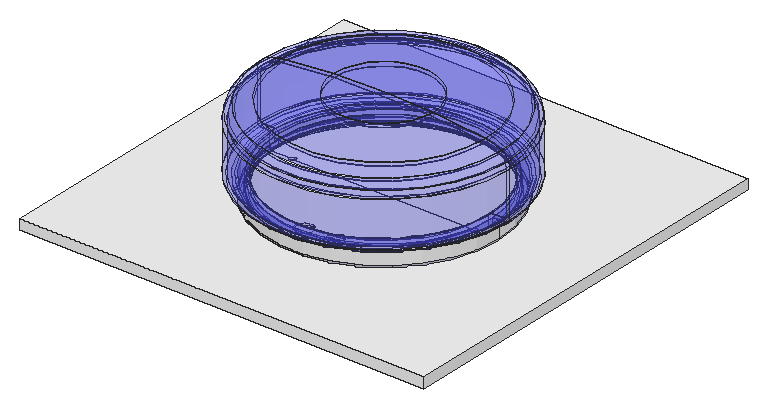
Revit family "BE_50040_de_DE", category Leuchten, Revit 2020
Family settings
  Basisbauteil = Fläche
  Bemaßung runder Anschluss = Durchmesser verwenden
  Teiletyp = Normal
  Beim Laden mit Abzugskörper schneiden = Ja
  Lichtquelle = Ja
  Gemeinsam genutzt = Nein
  Raumberechnungspunkt = Ja
Parameters (values of type "BEGA_50040_K3")
  built-in parameter 1150104 = 11.752 (stored number, unit not read)
  Wattage = 11.9 W
  Default Elevation = 0 mm
  built-in parameter 1150113 = 1 (stored number, unit not read)
  built-in parameter 1114218 = 1 (stored number, unit not read)
  Umgebungstemperatur = "25 °C"
  URL = "https://www.bega.com/de/produkt/50040"
  Typenkommentare = "© 2022 BEGA. Wir behalten uns das Recht vor, technische Änderungen ohne vorherige Ankündigung vorzunehmen."  # constant formula
  built-in parameter 1150134 = (empty or 0)
  built-in parameter 1150109 = 1 (stored number, unit not read)
  Strom = ""
  built-in parameter 1150110 = 1 (stored number, unit not read)
  Spannung = 230 V
  Sonderanfertigung = no
  Seriennummer [instance] = "Hier können Sie die eindeutige Seriennummer für das Facility Management eintragen."
  Schutzklasse = "I"
  Schutzart = "IP 20"
  Scheinlast = 0 VA
  Produktdatenblatt = "http://www.bega.de/download/Xrfa/db/50040.db.de.pdf"
  Oberflächentemperatur = ""
  Neigungswinkel = 0.00°
  Model = "50040K2"
  Material_17 = BEGA_Reflektor
  Material_15 = BEGA_Leuchtmedium_matt
  Material_11 = BEGA_Glas_opal
  Material_09 = BEGA_Glas_klar
  Material_06 = BEGA_Oberfläche_Edelstahl_gebürstet
  Material_03 = BEGA_Oberfläche_Weiss_matt
  Material_02 = BEGA_Oberfläche_Silber_matt
  Material_01 [instance] = BEGA_Oberfläche_Grafit_matt
  M_W = no
  M_G = no
  M_A = no
  Logo = 0
  built-in parameter 1114217 = 1 (stored number, unit not read)
  built-in parameter 1150139 = (empty or 0)
  built-in parameter 1150105 = 316.23 (stored number, unit not read)
  built-in parameter 1150114 = 1 (stored number, unit not read)
  Lumens = 1505.35 lm
  built-in parameter 1150115 = 1 (stored number, unit not read)
  Leuchtenlichtstrom = "874 lm"
  Leuchtenanzahl = ""
  Lebensdauerkriterien = "L70B50 @ 25 °C = 181000 h"
  Lastklassifizierung = Beleuchtung
  built-in parameter 1150112 = 1 (stored number, unit not read)
  Lampenlichtstrom = "1505 lm"
  Lamp = "LED 11.9 W"
  LED_Modulbezeichnung = "LED-0509/927"
  Hersteller = "BEGA"  # constant formula
  Halbstreuwinkel = ""
  Gewicht = "1.7 kg"
  Gebrauchslageneinschränkung [instance] = ""
  Frequenz = "50 Hz"
  Farbwiedergabeindex = "CRI > 90"
  Farbtemperaturverschiebung bei Dämpfen der Lampe = <Keine Auswahl>
  Farbtemperatur = "2700 K"
  Color Filter = 16777215
  built-in parameter 1150133 = 10 (stored number, unit not read)
  Energieeffizienzklasse = "LED A++ - A"
  built-in parameter 1150137 = (empty or 0)
  built-in parameter 1150132 = (empty or 0)
  ENEC = ""
  Dimmbar [instance] = ""
  Photometric Web File = "BE_50040K2.IES"
  CE_Konformität = "ja"
  Bestellnummer = "50040K2"
  Beschreibung_Sonderanfertigung = "Hier können Sie Informationen zur Sonderanfertigung eintragen."
  Beschreibung = "Decken- und Wandleuchte"
  built-in parameter 1150106 = 3.1623 (stored number, unit not read)
  Befestigungsbohrung = "Ø 5,5 mm"
  Befestigungsabstand = "180 mm"
  Ballwurfsicher = ""
  BEGA_Intern_aus = yes
  BEGA_Intern_an = yes
  BEGA_Intern_Konstruktion = yes
  BEGA_Intern = yes
  BEGA_IES = yes
  BEGA_Dummy = no
  Anschlussleitung = ""
  Anschlussleistung [instance] = "17.1 W"
  Anschlusskasten = ""
  built-in parameter 1150107 = 2700 (stored number, unit not read)
  built-in parameter 1150102 = (empty or 0)
  built-in parameter 1150138 = (empty or 0)
  Aktualisierung = "2020-05-11T04:00:10"
  Abstand_zur_angestrahlten_Fläche [instance] = ""
  AC/DC = "AC"
Types (3, lengths in mm): name | built-in parameter 1150104 | built-in parameter 1150134 | Model | built-in parameter 1150105 | Lumens | Leuchtenlichtstrom | Lampenlichtstrom | LED_Modulbezeichnung | Farbtemperatur | Photometric Web File | Bestellnummer | built-in parameter 1150106 | built-in parameter 1150107
  BEGA_50040_K3 | 11.827 (stored number, unit not read) | (empty or 0) | "50040K3" | 318.31 (stored number, unit not read) | 1514.87 lm | "1001 lm" | "1725 lm" | "LED-0509/930" | "3000 K" | "BE_50040K3.IES" | "50040K3" | 3.1831 (stored number, unit not read) | 3000 (stored number, unit not read)
  BEGA_50040_K4 | 12.263 (stored number, unit not read) | 12 | "50040K4" | 125 (stored number, unit not read) | 1570.8 lm | "1001 lm" | "1725 lm" | "LED-0509/930" | "4000 K" | "BE_50040K4.IES" | "50040K4" | 1.25 (stored number, unit not read) | 4000 (stored number, unit not read)
  BEGA_50040_K27 | 12.263 (stored number, unit not read) | 12 | "50040K27" | 125 (stored number, unit not read) | 1570.8 lm | "970 lm" | "1670 lm" | "LED-0509/927" | "2700 K" | "BE_50040K27.IES" | "50040K27" | 1.25 (stored number, unit not read) | 4000 (stored number, unit not read)
Reference planes
  plane 1 "Mitte (Vorne/Hinten)": y = 0
  plane 2: z = 0
  plane 3 "Mitte (Links/Rechts)": x = 0
  plane 4 "Links": x = -125
  plane 5 "Rechts": x = 125
  plane 6 "Unten": y = -125
  plane 7 "Oben": y = 125
  plane 8 "Vorne": z = 94.4
  plane 9 "Hinten": z = 0
Forms (mm)
  Extrusion 1, solid, material "BEGA_Platte_Weiss"
    sketch origin (0, -1119.2, 0) x (1, 0, 0) y (0, 1, 0)
      loop
        line (-200, 1319.2) -> (-200, 919.2) -> (200, 919.2) -> (200, 1319.2) -> (-200, 1319.2)
    from 0 to -10
  Extrusion 2, solid, material "BEGA_Dummy_matt", visible <- "BEGA_Dummy"
    sketch origin (77.149, -76.023, 0) x (1, 0, 0) y (0, 1, 0)
      loop
        circle (-77.149, 76.023) r 125
    from 0 to 94.4
Dimensions and locks
  plane 1 "Mitte (Vorne/Hinten)" to Extrusion 1 = 200 mm
  aligned and locked: plane 2 to Extrusion 1
  aligned and locked: level to Extrusion 1
Nested families
  nested 1: "BE_50040" at (0, 0, 0) x (0, -1, 0) z (0, 0, 1), type "BE_50040"
Connectors
  electrical at (0, 0, 0), driven by "Lastklassifizierung", driven by "Spannung", driven by "Scheinlast"
    settings: index 1, voltage 230 V, apparent load 0 VA, apparent load phase1 0 VA, apparent load phase2 0 VA, apparent load phase3 0 VA, power factor 1, load classification "Beleuchtung", number of poles 1, system type 31, power factor state 1, is connector primary yes, connector utility no, sub classification motor no, connector description ""
Definition of nested family "BE_50040"
  Parameters (values of type "BE_50040")
    Default Elevation = 1 mm
    URL = "http://www.bega.de/de/produkt"
    Type Comments = "© 2015 BEGA. Wir behalten uns das Recht vor, technische Änderungen ohne vorherige Ankündigung vorzunehmen. "  # constant formula
    Type Image = (empty or 0)
    Neigungswinkel_um_Z2 = 0.00°
    Neigungswinkel_um_Z1 = 0.00°
    Neigungswinkel_um_Y2 = 0.00°
    Neigungswinkel_um_Y1 = 0.00°
    Neigungswinkel_um_X2 = 0.00°
    Neigungswinkel_um_X1 = 0.00°
    Material_17 = none
    Material_15 = none
    Material_11 = none
    Material_09 = none
    Material_06 = none
    Material_05 = none
    Material_03 = none
    Material_02 = none
    Material_01 = none
    M_W = yes
    M_G = yes
    M_A = yes
    Länge_Platte = 400 mm  # constant formula
    Höhe_Platte = -10 mm  # constant formula
    Manufacturer = "BEGA"  # constant formula
    Drehwinkel_um_Z2 = 0.00°
    Drehwinkel_um_Z1 = 0.00°
    Breite_Platte = 400 mm  # constant formula
  Reference planes
    plane 1 "Mitte (Oben/Unten)": y = 0
    plane 2: z = 0
    plane 3 "Mitte (Links/Rechts)": x = 0
    plane 4: y = 125
    plane 5: y = -125
    plane 6: z = 94.4
    plane 7: x = -125
    plane 8: x = 125
  Forms (mm)
    Extrusion 1, solid, detail levels medium
      sketch origin (0, 0, 0) x (1, 0, 0) y (0, 1, 0)
        loop
          line (-200, 200) -> (-200, -200) -> (200, -200) -> (200, 200) -> (-200, 200)
      from 0 to -10 <- "Höhe_Platte"
    Revolve 2, solid, material <- "Material_03", detail levels medium+fine
      sketch origin (0, 0, 0) x (0, 1, 0) y (0, 0, 1)
        loop
          line (117.5, 19.8) -> (117.5, 20.8) -> (115.331, 20.8)
          arc (115.331, 20.8) -> (114.063, 20.284) -> (113.524, 19.025) r 1.8
          line (113.524, 19.025) -> (113.276, 4.767)
          arc (113.276, 4.767) -> (112.825, 3.728) -> (111.776, 3.3) r 1.5
          line (111.776, 3.3) -> (0, 3.3) -> (0, 2.3) -> (111.776, 2.3)
          arc (111.776, 2.3) -> (113.525, 3.014) -> (114.275, 4.748) r 2.5
          line (114.275, 4.748) -> (114.524, 19.01)
          arc (114.524, 19.01) -> (114.764, 19.571) -> (115.329, 19.8) r 0.8
          line (115.329, 19.8) -> (117.5, 19.8)
        axis (0, 2.3) -> (0, 20.8)
      angle from 0 to 360
    Revolve 3, solid, material <- "Material_03", detail levels medium+fine
      sketch origin (0, 0, 0) x (0, 1, 0) y (0, 0, 1)
        loop
          arc (99.13, 1.943) -> (99.474, 2.206) -> (99.896, 2.3) r 1
          line (99.896, 2.3) -> (100.896, 3.3) -> (92.75, 3.3) -> (92.75, 0) -> (96.108, 0)
          arc (96.108, 0) -> (97.369, 0.281) -> (98.395, 1.067) r 3
          line (98.395, 1.067) -> (99.13, 1.943)
        axis (90, 3.3) -> (90, 0)
      angle from 0 to 360
    Revolve 4, solid, material <- "Material_03", detail levels medium+fine
      sketch origin (0, 0, 0) x (0, -1, 0) y (0, 0, 1)
        loop
          arc (99.13, 1.943) -> (99.474, 2.206) -> (99.896, 2.3) r 1
          line (99.896, 2.3) -> (100.896, 3.3) -> (92.75, 3.3) -> (92.75, 0) -> (96.108, 0)
          arc (96.108, 0) -> (97.369, 0.281) -> (98.395, 1.067) r 3
          line (98.395, 1.067) -> (99.13, 1.943)
        axis (90, 3.3) -> (90, 0)
      angle from 0 to 360
    Extrusion 5, void
      sketch origin (0, 0, 0) x (1, 0, 0) y (0, 1, 0)
        loop
          circle (80, 15) r 8.5
        loop
          circle (80, -15) r 8.5
        loop
          circle (0, 90) r 2.75
        loop
          circle (0, -90) r 2.75
      from 1.096 to 7.205
    Revolve 6, solid, material <- "Material_11", detail levels medium+fine
      sketch origin (0, 0, 0) x (0, 1, 0) y (0, 0, 1)
        loop
          line (107.5, 12.214) -> (107.5, 20.4) -> (122.157, 21.168)
          arc (122.157, 21.168) -> (124.176, 22.099) -> (125, 24.164) r 3
          line (125, 24.164) -> (125, 69.391)
          arc (125, 69.391) -> (124.681, 72.948) -> (123.735, 76.391) r 20
          arc (123.735, 76.391) -> (121.144, 80.63) -> (117.158, 83.582) r 13
          arc (117.158, 83.582) -> (109.272, 86.676) -> (101.03, 88.629) r 60
          arc (101.03, 88.629) -> (75.117, 91.988) -> (49.04, 93.648) r 400
          arc (49.04, 93.648) -> (24.523, 94.212) -> (0, 94.4) r 1600.011
          line (0, 94.4) -> (0, 90.6)
          arc (0, 90.6) -> (24.398, 90.414) -> (48.79, 89.854) r 1596.211
          arc (48.79, 89.854) -> (74.692, 88.212) -> (100.431, 84.877) r 396.2
          arc (100.431, 84.877) -> (108.139, 83.049) -> (115.512, 80.156) r 56.2
          arc (115.512, 80.156) -> (118.33, 78.076) -> (120.166, 75.094) r 9.2
          arc (120.166, 75.094) -> (120.94, 72.293) -> (121.2, 69.4) r 16.2
          line (121.2, 69.4) -> (121.2, 24.923) -> (106.543, 24.155)
          arc (106.543, 24.155) -> (104.524, 23.224) -> (103.7, 21.159) r 3
          line (103.7, 21.159) -> (103.7, 16.4) -> (103.7, 11.174)
          arc (103.7, 11.174) -> (104.099, 9.678) -> (105.19, 8.579) r 3.003
          line (105.19, 8.579) -> (106.963, 7.556)
          arc (106.963, 7.556) -> (108.068, 6.43) -> (108.449, 4.9) r 3.003
          line (108.449, 4.9) -> (112.25, 4.9) -> (112.25, 8.894) -> (107.997, 11.349)
          arc (107.997, 11.349) -> (107.633, 11.715) -> (107.5, 12.214) r 1.001
        axis (0, 94.4) -> (0, 4.9)
      angle from 0 to 360
  Cuts and joins
    Extrusion 5 cuts Revolve 2
    Extrusion 5 cuts Revolve 3
    Extrusion 5 cuts Revolve 4
    joined: Revolve 2, Revolve 3, Revolve 4
  Dimensions and locks
    equal spacing: Extrusion 1 sketch curve, plane 3 "Mitte (Links/Rechts)", Extrusion 1 sketch curve
    equal spacing: Extrusion 1 sketch curve, plane 1 "Mitte (Oben/Unten)", Extrusion 1 sketch curve
    "Länge_Platte": Extrusion 1 sketch curve to Extrusion 1 sketch curve
    "Breite_Platte": Extrusion 1 sketch curve to Extrusion 1 sketch curve
    aligned and locked: plane 2 to Extrusion 1
    aligned and locked: level to Extrusion 1
  Automatic sketch dimensions
    Revolve 2 sketch curve to Revolve 2 sketch curve = 0 mm  (x11)
    Revolve 2 sketch curve to plane 1 "Mitte (Oben/Unten)" = 0 mm  (x2)
    Revolve 2 sketch curve to Revolve 2 sketch curve = 1.5 mm
    Revolve 2 sketch curve to Revolve 2 sketch curve = 1 mm  (x3)
    Revolve 2 sketch curve to Revolve 2 sketch curve = 0.8 mm
    Revolve 2 sketch curve to Revolve 2 sketch curve = 0.004 mm
    Revolve 2 sketch curve to Revolve 2 sketch curve = 0.002 mm
    Revolve 2 sketch curve to Revolve 2 sketch curve = 2.169 mm
    level to Revolve 2 sketch curve = 2.3 mm
    Revolve 2 sketch curve to Revolve 2 sketch curve = 1.448 mm
    Revolve 2 sketch curve to Revolve 2 sketch curve = 0.02 mm
    Revolve 2 sketch curve to Revolve 2 sketch curve = 0.033 mm
    Revolve 2 sketch curve to Revolve 2 sketch curve = 14.252 mm
    Revolve 2 sketch curve to Revolve 2 sketch curve = 0.01 mm
    Revolve 2 sketch curve to Revolve 2 sketch curve = 0.015 mm
    Revolve 2 sketch curve to Revolve 2 sketch curve = 4 mm
    Revolve 3 sketch curve to level = 0 mm
    level to Revolve 3 sketch curve = 3.3 mm
    Revolve 3 sketch curve to Revolve 3 sketch curve = 3.351 mm
    Revolve 3 sketch curve to Revolve 3 sketch curve = 0.007 mm
    level to Revolve 3 sketch curve = 1.067 mm
    Revolve 3 sketch curve to Revolve 3 sketch curve = 2.287 mm
    level to Revolve 3 sketch curve = 2.3 mm
    Revolve 3 sketch curve to Revolve 3 sketch curve = 1.501 mm
    Revolve 3 sketch curve to Revolve 3 sketch curve = 0 mm  (x2)
    Revolve 3 sketch curve to Revolve 3 sketch curve = 1 mm  (x2)
    Revolve 3 sketch curve to Revolve 3 sketch curve = 2.75 mm
    level to Revolve 3 sketch curve = 1.943 mm
    Revolve 3 sketch curve to Revolve 3 sketch curve = 0.766 mm
    Revolve 3 sketch curve to level = 2.001 mm
    Revolve 3 sketch curve to Revolve 3 sketch curve = 2 mm
    Revolve 4 sketch curve to level = 0 mm
    Revolve 4 sketch curve to level = 3.3 mm
    Revolve 4 sketch curve to Revolve 4 sketch curve = 3.351 mm
    Revolve 4 sketch curve to Revolve 4 sketch curve = 0.007 mm
    Revolve 4 sketch curve to level = 1.067 mm
    Revolve 4 sketch curve to Revolve 4 sketch curve = 2.287 mm
    Revolve 4 sketch curve to level = 2.3 mm
    Revolve 4 sketch curve to Revolve 4 sketch curve = 1.501 mm
    Revolve 4 sketch curve to Revolve 4 sketch curve = 0 mm  (x2)
    Revolve 4 sketch curve to Revolve 4 sketch curve = 1 mm  (x2)
    Revolve 4 sketch curve to Revolve 4 sketch curve = 2.75 mm
    Revolve 4 sketch curve to level = 1.943 mm
    Revolve 4 sketch curve to Revolve 4 sketch curve = 0.766 mm
    level to Revolve 4 sketch curve = 2.001 mm
    Revolve 4 sketch curve to Revolve 4 sketch curve = 2 mm
    Revolve 6 sketch curve to Revolve 6 sketch curve = 1.49 mm
    Revolve 6 sketch curve to Revolve 6 sketch curve = 0.257 mm
    Revolve 6 sketch curve to Revolve 6 sketch curve = 1.513 mm
    level to Revolve 6 sketch curve = 7.556 mm
    Revolve 6 sketch curve to Revolve 6 sketch curve = 1.773 mm
    Revolve 6 sketch curve to Revolve 6 sketch curve = 3.8 mm  (x2)
    Revolve 6 sketch curve to Revolve 6 sketch curve = 0.497 mm
    Revolve 6 sketch curve to Revolve 6 sketch curve = 3.002 mm
    Revolve 6 sketch curve to Revolve 6 sketch curve = 0.504 mm
    Revolve 6 sketch curve to Revolve 6 sketch curve = 3.801 mm
    Revolve 6 sketch curve to Revolve 6 sketch curve = 2.592 mm
    Revolve 6 sketch curve to Revolve 6 sketch curve = 1.024 mm
    Revolve 6 sketch curve to Revolve 6 sketch curve = 3.994 mm
    Revolve 6 sketch curve to Revolve 6 sketch curve = 2.594 mm
    Revolve 6 sketch curve to Revolve 6 sketch curve = 0.176 mm
    Revolve 6 sketch curve to Revolve 6 sketch curve = 0.865 mm
    Revolve 6 sketch curve to Revolve 6 sketch curve = 4.186 mm
    Revolve 6 sketch curve to Revolve 6 sketch curve = 0 mm  (x24)
    Revolve 6 sketch curve to Revolve 6 sketch curve = 4.759 mm
    level to Revolve 6 sketch curve = 40.4 mm
    Revolve 2 sketch curve to plane 1 "Mitte (Oben/Unten)" = 111.776 mm
    Revolve 2 sketch curve to Revolve 2 sketch curve = 0.249 mm
    Revolve 3 sketch curve to plane 1 "Mitte (Oben/Unten)" = 92.75 mm
    Revolve 4 sketch curve to plane 1 "Mitte (Oben/Unten)" = 92.75 mm
    Extrusion 5 sketch curve to plane 3 "Mitte (Links/Rechts)" = 0 mm  (x2)
    plane 1 "Mitte (Oben/Unten)" to Extrusion 5 sketch curve = 15 mm
    Extrusion 5 sketch curve to plane 1 "Mitte (Oben/Unten)" = 15 mm
    Extrusion 5 sketch curve to Extrusion 5 sketch curve = 0 mm
    Revolve 6 sketch curve to Revolve 6 sketch curve = 0.157 mm  (x2)
    Revolve 6 sketch curve to Revolve 6 sketch curve = 16.2 mm
    Revolve 6 sketch curve to Revolve 6 sketch curve = 6.557 mm
    Revolve 6 sketch curve to Revolve 6 sketch curve = 0.009 mm  (x3)
    Revolve 6 sketch curve to Revolve 6 sketch curve = 2.45 mm
    Revolve 6 sketch curve to Revolve 6 sketch curve = 3.955 mm
    Revolve 6 sketch curve to Revolve 6 sketch curve = 1.645 mm
    Revolve 6 sketch curve to Revolve 6 sketch curve = 1.034 mm
    Revolve 6 sketch curve to Revolve 6 sketch curve = 45.227 mm
    Revolve 6 sketch curve to Revolve 6 sketch curve = 12.348 mm
    Revolve 6 sketch curve to Revolve 6 sketch curve = 8.256 mm
    Revolve 6 sketch curve to Revolve 6 sketch curve = 15.081 mm
    Revolve 6 sketch curve to plane 1 "Mitte (Oben/Unten)" = 36.68 mm
    Revolve 6 sketch curve to level = 306.161 mm
    plane 1 "Mitte (Oben/Unten)" to Revolve 6 sketch curve = 0 mm  (x2)
    Revolve 6 sketch curve to Revolve 6 sketch curve = 1199.45 mm
    Revolve 6 sketch curve to plane 1 "Mitte (Oben/Unten)" = 0 mm  (x2)
    Revolve 6 sketch curve to Revolve 6 sketch curve = 33.648 mm
    Revolve 6 sketch curve to Revolve 6 sketch curve = 20 mm
    Revolve 6 sketch curve to Revolve 6 sketch curve = 0.8 mm  (x2)
    Revolve 6 sketch curve to Revolve 6 sketch curve = 0.759 mm  (x2)
    Extrusion 5 sketch curve to plane 1 "Mitte (Oben/Unten)" = 90 mm
    Revolve 6 sketch curve to plane 1 "Mitte (Oben/Unten)" = 91.352 mm
    Revolve 6 sketch curve to Revolve 6 sketch curve = 13.648 mm
    Revolve 6 sketch curve to Revolve 6 sketch curve = 0.25 mm
    plane 1 "Mitte (Oben/Unten)" to Extrusion 5 sketch curve = 90 mm
    Revolve 6 sketch curve to Revolve 6 sketch curve = 3.764 mm
    Revolve 6 sketch curve to Revolve 6 sketch curve = 50.2 mm
    Revolve 6 sketch curve to plane 1 "Mitte (Oben/Unten)" = 48.79 mm
    Revolve 6 sketch curve to Revolve 6 sketch curve = 0.599 mm
    Revolve 6 sketch curve to Revolve 6 sketch curve = 0.2 mm
    plane 3 "Mitte (Links/Rechts)" to Extrusion 5 sketch curve = 80 mm
    radius of Extrusion 5 sketch curve = 8.5 mm  (x2)
    radius of Extrusion 5 sketch curve = 2.75 mm  (x2)
